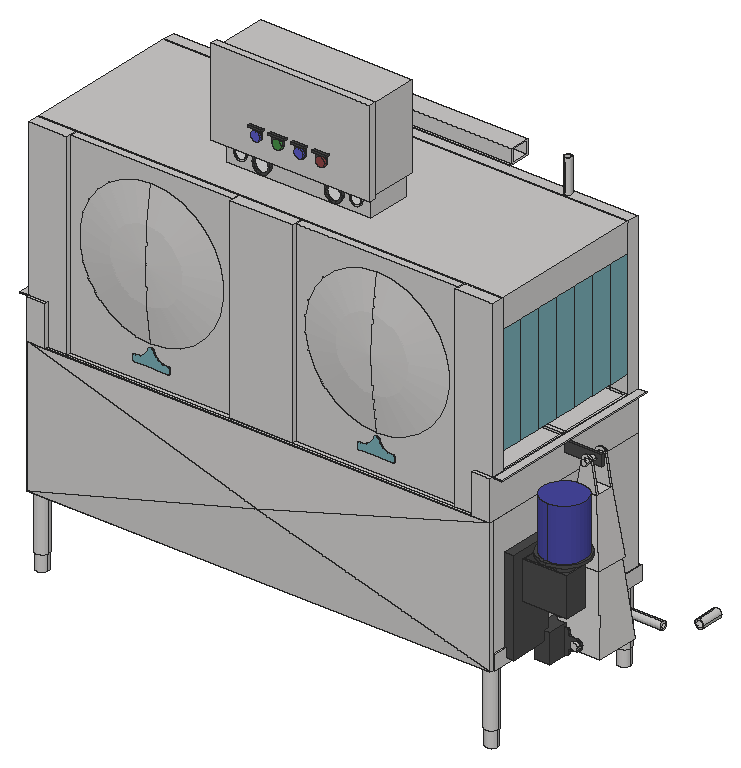
Revit family
Parameters (values of type "208/60/3")
  Width = 5' - 4"
  Weight in Pounds = 1000
  Watts = 25000 W
  Watermarked By = "http://revitwatermark.com"
  Waste Water Discharge Temperature [instance] = -459.67 °F
  Volts = 208 V
  Ventilation Remarks [instance] = ""
  URL Cutsheet = ""
  URL = "www.stero.com"
  Total Height = 5' - 10 1/2"
  Table Height = 2' - 10"
  Swing Doors [instance] = no
  Steam Supply Volume [instance] = 0.00 GPM
  Steam Supply Size = 1"
  Steam Supply RI Height [instance] = 0' - 0"
  Steam Supply Minimum Pressure = 15.00 psi
  Steam Supply Maximum Pressure = 40.00 psi
  Steam Supply Connection Height = 0' - 10"
  Steam Pounds per Hour = 140
  Status [instance] = ""
  Standard Doors [instance] = not(Swing Doors)  # yes
  Specification by User [instance] = ""
  Specification by Manufacturer = ""
  Single Door Opening [instance] = if(Swing Doors, 2' 0", 1' 10 1/2")  # 1' - 10 1/2"
  Serial Number [instance] = ""
  Seismic Rating [instance] = ""
  SMACNA No [instance] = ""
  Right Ventilation Remarks [instance] = ""
  Right Vent [instance] = no
  Right Exhaust Volume [instance] = if(Right Vent, 400 CFM, 0 CFM)  # 0 CFM
  Right Exhaust Vent Width = 0' - 3 7/8"
  Right Exhaust Vent Text = "Vent, Unload End"
  Right Exhaust Vent Depth = 2' - 0 7/8"
  Right Exhaust Static Press = 0.00 in-wg
  Right Exhaust RI Height [instance] = 0' - 0"
  Right Exhaust Item Number [instance] = "-"
  Right Drain [instance] = no
  Revision Code [instance] = ""
  Plumbing Remarks [instance] = ""
  Plumbing Connection Type [instance] = ""
  Phase = 3
  Number of Poles [instance] = 1
  NAFEM Spec ID Number [instance] = ""
  Model = "ER-64"
  Mechanical Remarks [instance] = ""
  Mechanical Connection Type [instance] = ""
  Masterspec = ""
  Manufacturer = "Stero"
  Machine Height = 4' - 7 1/2"
  Left Vent [instance] = no
  Left Drain [instance] = not(Right Drain)  # yes
  Item Number [instance] = "-"
  Installed By [instance] = ""
  Indirect Waste Size = 2"
  Indirect Waste Flow [instance] = 0.00 GPM
  Indirect Waste Connection Type [instance] = ""
  Indirect Waste Connection Height = 0' - 6"
  Hot Water Usage Rack = "- Gal/Rack"
  Hot Water Usage = "120.6 GPH"
  Hot Water Temperature = 180 °F
  Hot Water Size = 3/4"
  Hot Water RI Height [instance] = 0' - 0"
  Hot Water Minimum Pressure = 20.00 psi
  Hot Water Maximum Pressure = 20.00 psi
  Hot Water Flow = 2.01 GPM
  Hot Water Consumption = 2.01 GPM
  Hot Water Connection Height = 5' - 0"
  HP = "4.25"
  Furnished By [instance] = ""
  Foodservice Equipment Identifier [instance] = yes
  FL Amps = 83.6 A
  Exhaust Volume [instance] = if(Left Vent, 200 CFM, 0 CFM)  # 0 CFM
  Exhaust Vent Width = 0' - 3 7/8"
  Exhaust Vent Text = "Vent, Load End"
  Exhaust Vent Depth = 2' - 0 7/8"
  Exhaust Static Press = 0.00 in-wg
  Exhaust RI Height [instance] = 0' - 0"
  Electrical Remarks [instance] = ""
  Electric Connection Type [instance] = ""
  Elec Conn RI Height [instance] = 0' - 0"
  Elec Conn Connection Height = 5' - 8 1/2"
  Description = "Dishwasher, Conveyor"
  Depth = 2' - 1"
  Cycle = 60 Hz
  Conn Conduit = yes
  Condensate Return Size = 3/4"
  Condensate Return RI Height [instance] = 0' - 0"
  Condensate Return Connection Height = 0' - 8"
  CSI MasterFormat = "11 48 13"
  Building Plumbing Remarks [instance] = ""
  Building Hot Water Temperature = 140 °F
  Building Hot Water Size = 3/4"
  Building Hot Water RI Height [instance] = 0' - 0"
  Building Hot Water Minimum Pressure [instance] = 20.00 psi
  Building Hot Water Maximum Pressure [instance] = 20.00 psi
  Building Hot Water Flow [instance] = 0.00 GPM
  Building Hot Water Consumption [instance] = 2.00 GPM
  Building Hot Water Connection Height = 5' - 0"
  Building HW Item Number [instance] = "-"
  Assembly Code = "E1090320"
  Apparent Power = if(Phase = 3, Volts * FL Amps * 1.73, Volts * FL Amps)  # 30082.6 VA
Reference planes (in)
  plane 1: z = 0
  plane 2 "LEFT": x = 2.32772
  plane 3 "BACK": y = -48
  plane 4 "TOP": z = 70.5
  plane 5 "RIGHT": x = 66.57772
  plane 6 "FRONT": y = -73
  plane 7 "Left of Top": x = 2.57772
  plane 8 "Right of Top": x = 66.32772
  plane 9 "Left of Ledge": x = 1.07772
  plane 10 "Right of Ledge": x = 67.82772
  plane 11 "Left End Cowl": x = -7.67228
  plane 12 "Right End Cowl": x = 76.07772
  plane 13: x = -0.73478
  plane 14: x = 69.14022
  plane 15 "Bottom of Machine": z = 10
  plane 16 "Table Height": z = 34
  plane 17 "Top of Machine": z = 55.5
  plane 18 "Panel Top": z = 28.5
  plane 19: z = 12
  plane 20: y = -73.5
  plane 21: y = -47.5
  plane 22: x = 2.07772
  plane 23: x = 66.82772
  plane 24: y = -49.625
  plane 25: y = -71.375
  plane 26 "Door Center": x = 34.45272
  plane 27: x = 7.57772
  plane 28: x = 30.07772
  plane 29 "Top of Opening": z = 51.5
  plane 30: z = 2.25
  plane 31: x = 24.45272
  plane 32: x = 44.45272
  plane 33: x = 23.45272
  plane 34: x = 45.45272
  plane 35 "Front of Lower Panel": y = -66.5
  plane 36: y = -60.5
  plane 37: y = -67
  plane 38 "Back of Panel": y = -60
  plane 39 "Front of Upper Panel": y = -68
  plane 40: x = 23.95272
  plane 41: x = 44.95272
  plane 42: x = 75.95272
  plane 43: x = -7.54728
  plane 44: x = -4.60978
  plane 45: x = 73.01522
  plane 46: y = -48.0625
  plane 47: y = -72.9375
  plane 48 "Top of Vents": z = 59.5
  plane 49: x = 19.95272
  plane 50: x = 48.95272
  plane 51: y = -45
  plane 52: z = 57.5
  plane 53: y = -43
  plane 54: z = 84.5
  plane 55: x = 38.82772
  plane 56: x = 61.32772
  plane 57: x = 77.57772
  plane 58: x = 72.57772
  plane 59 "Steam Return": y = -51
  plane 60: z = 8
  plane 61: x = 7.82772
  plane 62: x = 29.95272
  plane 63: x = 28.64022
  plane 64: x = 38.95272
  plane 65: x = 40.26522
  plane 66: x = 61.07772
Forms (in)
  Extrusion 1, solid, material "QF_Finishes_Stainless Steel"
    sketch origin (0, 0, 10) x (0, 1, 0) y (-1, 0, 0)
      loop
        line (-47.5, -2.07772) -> (-73, -2.07772) -> (-73, -66.82772) -> (-47.5, -66.82772) -> (-47.5, -2.07772)
    from 0 to 2
  Extrusion 2, solid, material "QF_Finishes_Stainless Steel"
    sketch origin (0, 0, 34) x (0, 1, 0) y (-1, 0, 0)
      loop
        line (-71.375, -2.57772) -> (-49.625, -2.57772) -> (-49.625, -4.89022) -> (-48, -4.89022) -> (-48, -2.32772) -> (-73.5, -2.32772) -> (-73.5, -4.89022) -> (-71.375, -4.89022) -> (-71.375, -2.57772)
    from 0 to -5.5
  Extrusion 3, solid, material "QF_Finishes_Stainless Steel"
    sketch origin (0, 0, 28.5) x (0, 1, 0) y (-1, 0, 0)
      loop
        line (-48, -2.32772) -> (-73, -2.32772) -> (-73, -66.57772) -> (-48, -66.57772) -> (-48, -2.32772)
    from 0 to -16.5
  Extrusion 4, solid, material "QF_Finishes_Stainless Steel"
    sketch origin (48.65544, 0, 34) x (0, 1, 0) y (-1, 0, 0)
      loop
        line (-71.375, -17.67228) -> (-71.375, -15.35978) -> (-73.5, -15.35978) -> (-73.5, -17.92228) -> (-48, -17.92228) -> (-48, -15.35978) -> (-49.625, -15.35978) -> (-49.625, -17.67228) -> (-71.375, -17.67228)
    from 0 to -5.5
  Extrusion 5, solid, material "QF_Finishes_Stainless Steel"
    sketch origin (0, 0, 34) x (0, 1, 0) y (-1, 0, 0)
      loop
        line (-48, -2.32772) -> (-48, -1.07772) -> (-73, -1.07772) -> (-73, -2.32772) -> (-48, -2.32772)
    from 0 to -0.125
  Extrusion 6, solid, material "QF_Finishes_Stainless Steel"
    sketch origin (0, 0, 34) x (0, 1, 0) y (-1, 0, 0)
      loop
        line (-48, -66.57772) -> (-73, -66.57772) -> (-73, -67.82772) -> (-48, -67.82772) -> (-48, -66.57772)
    from 0 to -0.125
  Extrusion 7, solid, material "QF_Finishes_Stainless Steel"
    sketch origin (0, 0, 34) x (0, 1, 0) y (-1, 0, 0)
      loop
        line (-48, -4.89022) -> (-49.625, -4.89022) -> (-49.625, -2.57772) -> (-71.375, -2.57772) -> (-71.375, -66.32772) -> (-49.625, -66.32772) -> (-49.625, -64.01522) -> (-48, -64.01522) -> (-48, -4.89022)
    from -0.25 to -5.5
  Extrusion 8, solid, material "QF_Finishes_Stainless Steel"
    sketch origin (0, 0, 34) x (0, 1, 0) y (-1, 0, 0)
      loop
        line (-60.25, -2.57772) -> (-60.75, -2.57772) -> (-60.75, -66.32772) -> (-60.25, -66.32772) -> (-60.25, -2.57772)
      loop
        line (-48, -4.89022) -> (-49.625, -4.89022) -> (-49.625, -64.01522) -> (-48, -64.01522) -> (-48, -4.89022)
    from 0 to -0.25
  Extrusion 9, solid, material "QF_Finishes_Stainless Steel"
    sketch origin (0, 0, 55.5) x (0, 1, 0) y (-1, 0, 0)
      loop
        line (-49.625, -2.32772) -> (-71.375, -2.32772) -> (-71.375, -66.57772) -> (-49.625, -66.57772) -> (-49.625, -2.32772)
    from 0 to -4
  Extrusion 10, solid, material "QF_Finishes_Stainless Steel"
    sketch origin (0, 0, 55.5) x (0, 1, 0) y (-1, 0, 0)
      loop
        line (-48, -2.32772) -> (-49.625, -2.32772) -> (-49.625, -66.57772) -> (-48, -66.57772) -> (-48, -2.32772)
    from 0 to -21.5
  Extrusion 11, solid, material "QF_Finishes_Stainless Steel"
    sketch origin (0, -73, 0) x (-1, 0, 0) y (0, 0, 1)
      loop
        line (-2.32772, 55.5) -> (-7.57772, 55.5) -> (-7.57772, 28.5) -> (-4.89022, 28.5) -> (-4.89022, 34) -> (-2.32772, 34) -> (-2.32772, 55.5)
    from 0 to 1.625
  Blend 12, solid, material "QF_Finishes_Stainless Steel"
    base sketch origin (-15.01335, -74, 48) x (-1, 0, 0) y (0, 0, 1)
      loop
        line (-17.34107, -19.5) -> (-81.59107, -19.5) -> (-81.59107, -38) -> (-17.34107, -38) -> (-17.34107, -19.5)
    top sketch origin (-15.01335, -74, 48) x (-1, 0, 0) y (0, 0, 1)
      loop
        line (-49.49732, -28.71875) -> (-49.49732, -28.78125) -> (-49.43482, -28.78125) -> (-49.43482, -28.71875) -> (-49.49732, -28.71875)
    from 0.5 to 0
  Extrusion 13, solid, material "QF_Finishes_Stainless Steel"
    sketch origin (0, 0, 10) x (0, 1, 0) y (-1, 0, 0)
      loop
        line (-73, -2.32772) -> (-73.5, -2.32772) -> (-73.5, -66.57772) -> (-73, -66.57772) -> (-73, -2.32772)
    from 0 to 18.5
  Extrusion 14, solid, material "QF_Finishes_Stainless Steel"
    sketch origin (0, -73, 0) x (-1, 0, 0) y (0, 0, 1)
      loop
        line (-61.32772, 55.5) -> (-66.57772, 55.5) -> (-66.57772, 34) -> (-64.01522, 34) -> (-64.01522, 28.5) -> (-61.32772, 28.5) -> (-61.32772, 55.5)
    from 0 to 1.625
  Extrusion 15, solid, material "QF_Finishes_Stainless Steel", visible <- "Standard Doors"
    sketch origin (-15.5, 0, 55.5) x (0, 1, 0) y (-1, 0, 0)
      loop
        line (-71.375, -23.07772) -> (-72.5, -23.07772) -> (-72.5, -45.57772) -> (-71.375, -45.57772) -> (-71.375, -23.07772)
    from 0 to -27
  Extrusion 16, solid, material "QF_Finishes_Stainless Steel"
    sketch origin (0, 0, 0) x (1, 0, 0) y (0, 1, 0)
      loop
        circle (3.32772, -49) r 0.8125
    from 0 to 2.25
  Extrusion 17, solid, material "QF_Finishes_Stainless Steel"
    sketch origin (0, 0, 0) x (1, 0, 0) y (0, 1, 0)
      loop
        circle (3.32772, -49) r 0.9375
    from 2.25 to 10
  Extrusion 18, solid, material "QF_Finishes_Stainless Steel"
    sketch origin (48.65544, 0, 0) x (-1, 0, 0) y (0, -1, 0)
      loop
        circle (-16.92228, 49) r 0.8125
    from 0 to 2.25
  Extrusion 19, solid, material "QF_Finishes_Stainless Steel"
    sketch origin (48.65544, 0, 0) x (-1, 0, 0) y (0, -1, 0)
      loop
        circle (-16.92228, 49) r 0.9375
    from 2.25 to 10
  Extrusion 20, solid, material "QF_Finishes_Stainless Steel"
    sketch origin (0, -121, 0) x (1, 0, 0) y (0, 1, 0)
      loop
        circle (3.32772, 49) r 0.8125
    from 0 to 2.25
  Extrusion 21, solid, material "QF_Finishes_Stainless Steel"
    sketch origin (0, -121, 0) x (1, 0, 0) y (0, 1, 0)
      loop
        circle (3.32772, 49) r 0.9375
    from 2.25 to 10
  Extrusion 22, solid, material "QF_Finishes_Stainless Steel"
    sketch origin (48.65544, -121, 0) x (-1, 0, 0) y (0, -1, 0)
      loop
        circle (-16.92228, -49) r 0.8125
    from 0 to 2.25
  Extrusion 23, solid, material "QF_Finishes_Stainless Steel"
    sketch origin (48.65544, -121, 0) x (-1, 0, 0) y (0, -1, 0)
      loop
        circle (-16.92228, -49) r 0.9375
    from 2.25 to 10
  Extrusion 24, solid, material "QF_Finishes_Light Blue"
    sketch origin (0, 0, 51.5) x (0, 1, 0) y (-1, 0, 0)
      loop
        line (-49.625, -66.57772) -> (-49.625, -66.45272) -> (-52.625, -66.45272) -> (-52.625, -66.57772) -> (-49.625, -66.57772)
      loop
        line (-52.75, -66.57772) -> (-52.75, -66.45272) -> (-55.75, -66.45272) -> (-55.75, -66.57772) -> (-52.75, -66.57772)
      loop
        line (-55.875, -66.57772) -> (-55.875, -66.45272) -> (-58.875, -66.45272) -> (-58.875, -66.57772) -> (-55.875, -66.57772)
      loop
        line (-59, -66.57772) -> (-59, -66.45272) -> (-62, -66.45272) -> (-62, -66.57772) -> (-59, -66.57772)
      loop
        line (-62.125, -66.57772) -> (-62.125, -66.45272) -> (-65.125, -66.45272) -> (-65.125, -66.57772) -> (-62.125, -66.57772)
      loop
        line (-65.25, -66.57772) -> (-65.25, -66.45272) -> (-68.25, -66.45272) -> (-68.25, -66.57772) -> (-65.25, -66.57772)
      loop
        line (-68.375, -66.57772) -> (-68.375, -66.45272) -> (-71.375, -66.45272) -> (-71.375, -66.57772) -> (-68.375, -66.57772)
    from 0 to -15
  Extrusion 25, solid, material "QF_Finishes_Light Blue"
    sketch origin (48.65544, 0, 51.5) x (0, 1, 0) y (-1, 0, 0)
      loop
        line (-49.625, 46.32772) -> (-52.625, 46.32772) -> (-52.625, 46.20272) -> (-49.625, 46.20272) -> (-49.625, 46.32772)
      loop
        line (-52.75, 46.32772) -> (-55.75, 46.32772) -> (-55.75, 46.20272) -> (-52.75, 46.20272) -> (-52.75, 46.32772)
      loop
        line (-55.875, 46.32772) -> (-58.875, 46.32772) -> (-58.875, 46.20272) -> (-55.875, 46.20272) -> (-55.875, 46.32772)
      loop
        line (-59, 46.32772) -> (-62, 46.32772) -> (-62, 46.20272) -> (-59, 46.20272) -> (-59, 46.32772)
      loop
        line (-62.125, 46.32772) -> (-65.125, 46.32772) -> (-65.125, 46.20272) -> (-62.125, 46.20272) -> (-62.125, 46.32772)
      loop
        line (-65.25, 46.32772) -> (-68.25, 46.32772) -> (-68.25, 46.20272) -> (-65.25, 46.20272) -> (-65.25, 46.32772)
      loop
        line (-68.375, 46.32772) -> (-71.375, 46.32772) -> (-71.375, 46.20272) -> (-68.375, 46.20272) -> (-68.375, 46.32772)
    from 0 to -15
  Extrusion 26, solid, material "QF_Finishes_Stainless Steel"
    sketch origin (0, 0, 55.5) x (0, 1, 0) y (-1, 0, 0)
      loop
        line (-60.5, -24.45272) -> (-66.5, -24.45272) -> (-66.5, -44.45272) -> (-60.5, -44.45272) -> (-60.5, -24.45272)
    from 0 to 3.5
  Extrusion 27, solid, material "QF_Finishes_Stainless Steel"
    sketch origin (0, 0, 55.5) x (0, 1, 0) y (-1, 0, 0)
      loop
        line (-60, -23.95272) -> (-67, -23.95272) -> (-67, -44.95272) -> (-60, -44.95272) -> (-60, -23.95272)
    from 3 to 14.5
  Extrusion 28, solid, material "QF_Finishes_Stainless Steel"
    sketch origin (0, 0, 55.5) x (0, 1, 0) y (-1, 0, 0)
      loop
        line (-67, -23.45272) -> (-68, -23.45272) -> (-68, -45.45272) -> (-67, -45.45272) -> (-67, -23.45272)
    from 3 to 15
  Extrusion 29, solid, material "QF_Finishes_Black"
    sketch origin (0, -66.5, 0) x (-1, 0, 0) y (0, 0, 1)
      loop
        circle (-29.45272, 57) r 1.25
      loop
        circle (-29.45272, 57) r 1
    from 0 to -0.25
  Extrusion 30, solid, material "QF_Finishes_Stainless Steel"
    sketch origin (0, -66.5, 0) x (-1, 0, 0) y (0, 0, 1)
      loop
        circle (-26.45272, 57.25) r 0.75
      loop
        circle (-26.45272, 57.25) r 0.875
    from 0 to -0.125
  Extrusion 31, solid, material "QF_Finishes_White"
    sketch origin (0, -66.5, 0) x (-1, 0, 0) y (0, 0, 1)
      loop
        circle (-26.45272, 57.25) r 0.75
    from 0 to -0.0625
  Extrusion 32, solid, material "QF_Finishes_White"
    sketch origin (0, -66.5, 0) x (-1, 0, 0) y (0, 0, 1)
      loop
        circle (-29.45272, 57) r 1
    from 0 to -0.0625
  Extrusion 33, solid, material "QF_Finishes_Black"
    sketch origin (48.65544, -66.5, 0) x (1, 0, 0) y (0, 0, -1)
      loop
        circle (-9.20272, -57) r 1.25
      loop
        circle (-9.20272, -57) r 1
    from 0 to -0.25
  Extrusion 34, solid, material "QF_Finishes_Stainless Steel"
    sketch origin (48.65544, -66.5, 0) x (1, 0, 0) y (0, 0, -1)
      loop
        circle (-6.20272, -57.25) r 0.75
      loop
        circle (-6.20272, -57.25) r 0.875
    from 0 to -0.125
  Extrusion 35, solid, material "QF_Finishes_White"
    sketch origin (48.65544, -66.5, 0) x (1, 0, 0) y (0, 0, -1)
      loop
        circle (-6.20272, -57.25) r 0.75
    from 0 to -0.0625
  Extrusion 36, solid, material "QF_Finishes_White"
    sketch origin (48.65544, -66.5, 0) x (1, 0, 0) y (0, 0, -1)
      loop
        circle (-9.20272, -57) r 1
    from 0 to -0.0625
  Extrusion 37, solid, material "QF_Finishes_Black"
    sketch origin (0, -68, 0) x (-1, 0, 0) y (0, 0, 1)
      loop
        line (-33.95272, 62.5) -> (-33.95272, 62.25) -> (-31.82772, 62.25) -> (-31.82772, 62.5) -> (-33.95272, 62.5)
      loop
        line (-30.82772, 62.5) -> (-30.82772, 62.25) -> (-28.95272, 62.25) -> (-28.95272, 62.5) -> (-30.82772, 62.5)
      loop
        line (-34.95272, 62.5) -> (-36.82772, 62.5) -> (-36.82772, 62.25) -> (-34.95272, 62.25) -> (-34.95272, 62.5)
      loop
        line (-37.82772, 62.5) -> (-39.82772, 62.5) -> (-39.82772, 62.25) -> (-37.82772, 62.25) -> (-37.82772, 62.5)
    from 0 to -0.5
  Extrusion 38, solid, material "QF_Finishes_Navy Blue"
    sketch origin (0, -68, 0) x (-1, 0, 0) y (0, 0, 1)
      loop
        circle (-29.95272, 61.375) r 0.625
    from -0.125 to -0.375
  Extrusion 39, solid, material "QF_Finishes_LED Green"
    sketch origin (3, -68, 0) x (-1, 0, 0) y (0, 0, 1)
      loop
        circle (-29.95272, 61.375) r 0.625
    from -0.125 to -0.375
  Extrusion 40, solid, material "QF_Finishes_Navy Blue"
    sketch origin (6, -68, 0) x (-1, 0, 0) y (0, 0, 1)
      loop
        circle (-29.95272, 61.375) r 0.625
    from -0.125 to -0.375
  Extrusion 41, solid, material "QF_Finishes_LED Red"
    sketch origin (9, -68, 0) x (-1, 0, 0) y (0, 0, 1)
      loop
        circle (-29.95272, 61.375) r 0.625
    from -0.125 to -0.375
  Extrusion 42, solid, material "QF_Finishes_Black"
    sketch origin (0, -68, 0) x (-1, 0, 0) y (0, 0, 1)
      loop
        arc (-30.57772, 61.375) -> (-29.95272, 60.75) -> (-29.32772, 61.375) r 0.625
        line (-29.32772, 61.375) -> (-29.32772, 62.25) -> (-30.57772, 62.25) -> (-30.57772, 61.375)
      loop
        arc (-33.57772, 61.375) -> (-32.82772, 60.625) -> (-32.07772, 61.375) r 0.75
        line (-32.07772, 61.375) -> (-32.07772, 62.25) -> (-33.57772, 62.25) -> (-33.57772, 61.375)
      loop
        arc (-36.70272, 61.375) -> (-35.95272, 60.625) -> (-35.20272, 61.375) r 0.75
        line (-35.20272, 61.375) -> (-35.20272, 62.25) -> (-36.70272, 62.25) -> (-36.70272, 61.375)
      loop
        arc (-39.57772, 61.375) -> (-38.82772, 60.625) -> (-38.07772, 61.375) r 0.75
        line (-38.07772, 61.375) -> (-38.07772, 62.25) -> (-39.57772, 62.25) -> (-39.57772, 61.375)
    from 0 to -0.125
  Extrusion 43, solid, material "QF_Finishes_Light Blue", visible <- "Standard Doors"
    sketch origin (-15.5, -73, 0) x (-1, 0, 0) y (0, 0, 1)
      loop
        line (-33.71645, 30.66335) -> (-32.08461, 30.57309)
        arc (-32.08461, 30.57309) -> (-31.90443, 30.64773) -> (-31.82979, 30.82792) r 0.25483
        line (-31.82979, 30.82792) -> (-31.82979, 31.31285)
        arc (-31.82979, 31.31285) -> (-31.90343, 31.49062) -> (-32.08121, 31.56426) r 0.25142
        arc (-32.08121, 31.56426) -> (-33.22593, 31.7803) -> (-33.90311, 32.72819) r 1.56264
        arc (-33.90311, 32.72819) -> (-34.31726, 33.06213) -> (-34.74741, 32.74907) r 0.43733
        arc (-34.74741, 32.74907) -> (-35.4996, 31.78811) -> (-36.69923, 31.56426) r 1.72707
        arc (-36.69923, 31.56426) -> (-36.87701, 31.49062) -> (-36.95065, 31.31285) r 0.25142
        line (-36.95065, 31.31285) -> (-36.95065, 30.82792)
        arc (-36.95065, 30.82792) -> (-36.87601, 30.64773) -> (-36.69582, 30.57309) r 0.25483
        line (-36.69582, 30.57309) -> (-35.06398, 30.65632)
        arc (-35.06398, 30.65632) -> (-34.39032, 30.67875) -> (-33.71645, 30.66335) r 12.00702
    from 0.5 to 0.4375
  Extrusion 44, solid, material "QF_Finishes_Stainless Steel", visible <- "Right Vent"
    sketch origin (66.32772, 0, 0) x (0, -1, 0) y (0, 0, 1)
      loop
        line (73, 55.5) -> (48, 55.5) -> (48, 50.5625) -> (49.625, 48.9375) -> (49.625, 49.11428) -> (48.125, 50.61428) -> (48.125, 55.375) -> (72.875, 55.375) -> (72.875, 39.17678) -> (71.375, 37.67678) -> (71.375, 37.5) -> (73, 39.125) -> (73, 55.5)
    from -0.25 to -9.625
  Extrusion 45, solid, material "QF_Finishes_Stainless Steel", visible <- "Left Vent"
    sketch origin (2.57772, 0, 0) x (0, 1, 0) y (0, 0, 1)
      loop
        line (-73, 55.5) -> (-73, 39.125) -> (-71.375, 37.5) -> (-71.375, 37.67678) -> (-72.875, 39.17678) -> (-72.875, 55.375) -> (-48.125, 55.375) -> (-48.125, 50.61428) -> (-49.625, 49.11428) -> (-49.625, 48.9375) -> (-48, 50.5625) -> (-48, 55.5) -> (-73, 55.5)
    from -0.25 to -10.125
  Extrusion 46, solid, material "QF_Finishes_Stainless Steel", visible <- "Right Vent"
    sketch origin (76.07772, 0, 0) x (0, 1, 0) y (0, 0, 1)
      loop
        line (-71.375, 37.5) -> (-71.375, 51.5) -> (-49.625, 51.5) -> (-49.625, 48.9375) -> (-48, 50.5625) -> (-48, 55.5) -> (-73, 55.5) -> (-73, 39.125) -> (-71.375, 37.5)
    from 0 to -0.125
  Extrusion 47, solid, material "QF_Finishes_Stainless Steel", visible <- "Left Vent"
    sketch origin (-7.67228, 0, 0) x (0, 1, 0) y (0, 0, 1)
      loop
        line (-71.375, 37.5) -> (-71.375, 51.5) -> (-49.625, 51.5) -> (-49.625, 48.9375) -> (-48, 50.5625) -> (-48, 55.5) -> (-73, 55.5) -> (-73, 39.125) -> (-71.375, 37.5)
    from 0 to 0.125
  Extrusion 48, solid, material "QF_Finishes_Stainless Steel", visible <- "Left Vent"
    sketch origin (0, 0, 55.5) x (0, 1, 0) y (-1, 0, 0)
      loop
        line (-48.0625, 4.60978) -> (-72.9375, 4.60978) -> (-72.9375, 0.73478) -> (-48.0625, 0.73478) -> (-48.0625, 4.60978)
      loop
        line (-48.1875, 4.48478) -> (-72.8125, 4.48478) -> (-72.8125, 0.85978) -> (-48.1875, 0.85978) -> (-48.1875, 4.48478)
    from 0 to 4
  Extrusion 49, solid, material "QF_Finishes_Stainless Steel", visible <- "Right Vent"
    sketch origin (48.65544, 0, 55.5) x (0, 1, 0) y (-1, 0, 0)
      loop
        line (-48.0625, -24.35978) -> (-48.0625, -20.48478) -> (-72.9375, -20.48478) -> (-72.9375, -24.35978) -> (-48.0625, -24.35978)
      loop
        line (-48.1875, -24.23478) -> (-48.1875, -20.60978) -> (-72.8125, -20.60978) -> (-72.8125, -24.23478) -> (-48.1875, -24.23478)
    from 0 to 4
  Extrusion 50, void
    sketch origin (0, 0, 55.5) x (0, 1, 0) y (-1, 0, 0)
      loop
        line (-48.1875, 4.48478) -> (-72.8125, 4.48478) -> (-72.8125, 0.85978) -> (-48.1875, 0.85978) -> (-48.1875, 4.48478)
    from 0 to -0.125
  Extrusion 51, void
    sketch origin (0, 0, 55.5) x (0, 1, 0) y (-1, 0, 0)
      loop
        line (-48.1875, -69.26522) -> (-72.8125, -69.26522) -> (-72.8125, -72.89022) -> (-48.1875, -72.89022) -> (-48.1875, -69.26522)
    from 0 to -0.125
  Extrusion 52, solid, material "QF_Finishes_Black"
    sketch origin (0, -73, 0) x (-1, 0, 0) y (0, 0, 1)
      loop
        line (-66.82772, 12) -> (-66.57772, 12) -> (-66.57772, 23.9375) -> (-67.95272, 23.9375) -> (-67.95272, 10.9375) -> (-66.82772, 10.9375) -> (-66.82772, 12)
    from 1.8125 to 7.8125
  Extrusion 53, solid, material "QF_Finishes_Black"
    sketch origin (0.25, 0, 10) x (0, 1, 0) y (-1, 0, 0)
      loop
        line (-66.875, -72.32772) -> (-66.875, -67.95272) -> (-69.5, -67.95272) -> (-69.5, -72.32772)
        arc (-69.5, -72.32772) -> (-68.1875, -71.01522) -> (-66.875, -72.32772) r 1.3125
      loop
        line (-69.75, -73.95272) -> (-66.625, -73.95272) -> (-66.625, -67.70272) -> (-69.75, -67.70272) -> (-69.75, -73.95272)
    from 7.6875 to 12.9375
  Extrusion 54, solid, material "QF_Finishes_Black"
    sketch origin (0.25, 0, 10) x (0, 1, 0) y (-1, 0, 0)
      loop
        circle (-68.1875, -72.32772) r 1.0625
    from 7.1875 to 7.6875
  Extrusion 55, solid, material "QF_Finishes_Black"
    sketch origin (0.25, 0, 10) x (0, 1, 0) y (-1, 0, 0)
      loop
        circle (-68.1875, -72.32772) r 1.3125
    from 12.9375 to 13.4375
  Blend 56, solid, material "QF_Finishes_Black"
    base sketch origin (0.25, 0, 10) x (0, 1, 0) y (-1, 0, 0)
      loop
        circle (-68.1875, -72.32772) r 1.3125
    top sketch origin (0.25, 0, 10) x (0, 1, 0) y (-1, 0, 0)
      loop
        circle (-68.1875, -72.32772) r 2.0625
    from 13.4375 to 14.4375
  Extrusion 57, solid, material "QF_Finishes_Black"
    sketch origin (0.25, 0, 10) x (0, 1, 0) y (-1, 0, 0)
      loop
        circle (-68.1875, -72.32772) r 3.25
    from 14.4375 to 14.8125
  Extrusion 58, solid, material "QF_Finishes_Blue"
    sketch origin (0.25, 0, 10) x (0, 1, 0) y (-1, 0, 0)
      loop
        circle (-68.1875, -72.32772) r 2.875
    from 14.8125 to 21.9375
  Extrusion 59, solid, material "QF_Finishes_Black"
    sketch origin (0.25, -73, 0) x (-1, 0, 0) y (0, 0, 1)
      loop
        line (-66.32772, 33.1875) -> (-71.57772, 33.1875) -> (-71.57772, 31.6875) -> (-66.32772, 31.6875) -> (-66.32772, 33.1875)
      loop
        circle (-70.32772, 32.4375) r 0.375
    from 12.3125 to 12.6875
  Extrusion 60, solid, material "QF_Finishes_Black"
    sketch origin (0, -73, 0) x (-1, 0, 0) y (0, 0, 1)
      loop
        line (-66.57772, 12) -> (-66.57772, 12.4375) -> (-68.82772, 12.4375) -> (-68.82772, 8.4375) -> (-66.82772, 8.4375) -> (-66.82772, 12) -> (-66.57772, 12)
    from 7 to 18
  Extrusion 61, solid, material "QF_Finishes_Black"
    sketch origin (0.25, -73, 0) x (-1, 0, 0) y (0, 0, 1)
      loop
        line (-68.82772, 12.125) -> (-69.07772, 12.125)
        arc (-69.07772, 12.125) -> (-69.2545, 12.05178) -> (-69.32772, 11.875) r 0.25
        line (-69.32772, 11.875) -> (-69.32772, 11.5625)
        arc (-69.32772, 11.5625) -> (-69.43755, 11.29733) -> (-69.70272, 11.1875) r 0.375
        line (-69.70272, 11.1875) -> (-70.32772, 11.1875)
        arc (-70.32772, 11.1875) -> (-71.07772, 10.4375) -> (-70.32772, 9.6875) r 0.75
        line (-70.32772, 9.6875) -> (-69.70272, 9.6875)
        arc (-69.70272, 9.6875) -> (-69.43755, 9.57767) -> (-69.32772, 9.3125) r 0.375
        line (-69.32772, 9.3125) -> (-69.32772, 9)
        arc (-69.32772, 9) -> (-69.2545, 8.82322) -> (-69.07772, 8.75) r 0.25
        line (-69.07772, 8.75) -> (-68.82772, 8.75) -> (-68.82772, 12.125)
      loop
        circle (-70.32772, 10.4375) r 0.5
    from 9.375 to 9.5
  Extrusion 62, solid, material "QF_Finishes_Black"
    sketch origin (0.25, -66.875, 0) x (-1, 0, 0) y (0, 0, 1)
      loop
        line (-68.82772, 12.125) -> (-69.07772, 12.125)
        arc (-69.07772, 12.125) -> (-69.2545, 12.05178) -> (-69.32772, 11.875) r 0.25
        line (-69.32772, 11.875) -> (-69.32772, 11.5625)
        arc (-69.32772, 11.5625) -> (-69.43755, 11.29733) -> (-69.70272, 11.1875) r 0.375
        line (-69.70272, 11.1875) -> (-70.32772, 11.1875)
        arc (-70.32772, 11.1875) -> (-71.07772, 10.4375) -> (-70.32772, 9.6875) r 0.75
        line (-70.32772, 9.6875) -> (-69.70272, 9.6875)
        arc (-69.70272, 9.6875) -> (-69.43755, 9.57767) -> (-69.32772, 9.3125) r 0.375
        line (-69.32772, 9.3125) -> (-69.32772, 9)
        arc (-69.32772, 9) -> (-69.2545, 8.82322) -> (-69.07772, 8.75) r 0.25
        line (-69.07772, 8.75) -> (-68.82772, 8.75) -> (-68.82772, 12.125)
      loop
        circle (-70.32772, 10.4375) r 0.5
    from 9.375 to 9.5
  Extrusion 63, solid, material "QF_Finishes_Stainless Steel"
    sketch origin (0.25, -73, 0) x (-1, 0, 0) y (0, 0, 1)
      loop
        circle (-70.32772, 32.4375) r 0.375
      loop
        line (-71.06584, 32.57045) -> (-71.76522, 28.6875) -> (-68.89022, 28.6875) -> (-69.5896, 32.57045)
        arc (-69.5896, 32.57045) -> (-70.32772, 33.1875) -> (-71.06584, 32.57045) r 0.75
    from 11.25 to 11.375
  Extrusion 64, solid, material "QF_Finishes_Stainless Steel"
    sketch origin (0.25, -48, 0) x (-1, 0, 0) y (0, 0, -1)
      loop
        circle (-70.32772, -32.4375) r 0.375
      loop
        arc (-71.06584, -32.57045) -> (-70.32772, -33.1875) -> (-69.5896, -32.57045) r 0.75
        line (-69.5896, -32.57045) -> (-68.89022, -28.6875) -> (-71.76522, -28.6875) -> (-71.06584, -32.57045)
    from 11.25 to 11.375
  Extrusion 65, solid, material "QF_Finishes_Stainless Steel"
    sketch origin (0.25, -73, 0) x (-1, 0, 0) y (0, 0, 1)
      loop
        circle (-70.32772, 32.4375) r 0.375
    from 10.75 to 14.25
  Blend 66, solid, material "QF_Finishes_Stainless Steel"
    base sketch origin (0.25, 0, 34) x (0, 1, 0) y (-1, 0, 0)
      loop
        line (-58.25, -67.89022) -> (-62.75, -67.89022) -> (-62.75, -72.76522) -> (-58.25, -72.76522) -> (-58.25, -67.89022)
    top sketch origin (0.25, 0, 34) x (0, 1, 0) y (-1, 0, 0)
      loop
        line (-59.25, -68.89022) -> (-61.75, -68.89022) -> (-61.75, -71.76522) -> (-59.25, -71.76522) -> (-59.25, -68.89022)
    from -14.0625 to -5.3125
  Blend 67, solid, material "QF_Finishes_Stainless Steel"
    base sketch origin (0.25, 0, 25.25) x (0, 1, 0) y (-1, 0, 0)
      loop
        line (-57.5, -67.14022) -> (-63.5, -67.14022) -> (-63.5, -73.51522) -> (-57.5, -73.51522) -> (-57.5, -67.14022)
    top sketch origin (0.25, 0, 25.25) x (0, 1, 0) y (-1, 0, 0)
      loop
        line (-58.5, -68.14022) -> (-62.5, -68.14022) -> (-62.5, -72.51522) -> (-58.5, -72.51522) -> (-58.5, -68.14022)
    from -15.5625 to -5.3125
  Extrusion 68, solid, material "QF_Finishes_Stainless Steel"
    sketch origin (0.25, -73, -22) x (-1, 0, 0) y (0, 0, 1)
      loop
        circle (-70.32772, 32.4375) r 0.5
    from 9 to 16
  Extrusion 69, solid, material "QF_Finishes_Stainless Steel"
    sketch origin (0, 0, 55.5) x (0, 1, 0) y (-1, 0, 0)
      loop
        circle (-48.75, -57.57772) r 0.375
      loop
        circle (-48.75, -57.57772) r 0.5
    from 0 to 4.5
  Extrusion 70, solid, material "QF_Finishes_Stainless Steel"
    sketch origin (2.32772, 0, 0) x (0, 1, 0) y (0, 0, 1)
      loop
        line (-45, 57.5) -> (-47.75, 57.5) -> (-47.75, 55.5) -> (-45, 55.5) -> (-45, 57.5)
      loop
        line (-45.125, 57.375) -> (-47.625, 57.375) -> (-47.625, 55.625) -> (-45.125, 55.625) -> (-45.125, 57.375)
    from 17.625 to 46.625
  Extrusion 71, solid, material "QF_Finishes_Stainless Steel"
    sketch origin (2.32772, 0, 0) x (0, 1, 0) y (0, 0, 1)
      loop
        line (-47.75, 55.5) -> (-47.75, 55.625) -> (-48, 55.625) -> (-48, 55.5) -> (-47.75, 55.5)
    from 17.625 to 46.625
  Extrusion 72, solid, material "QF_Finishes_Stainless Steel"
    sketch origin (0, -60, 0) x (-1, 0, 0) y (0, 0, 1)
      loop
        circle (-44.45272, 68.5) r 0.25
    from 0 to 0.0625
  Extrusion 73, solid, material "QF_Finishes_Stainless Steel"
    sketch origin (0, 0, 10) x (0, 1, 0) y (-1, 0, 0)
      loop
        circle (-50, -7.32772) r 1
      loop
        circle (-50, -7.32772) r 1.125
    from 0 to -4
  Extrusion 74, solid, material "QF_Finishes_Clearance", detail levels coarse
    sketch origin (0, 0, 0) x (1, 0, 0) y (0, 1, 0)
      loop
        line (1.07772, -47.5) -> (19.95272, -47.5) -> (19.95272, -45) -> (48.95272, -45) -> (48.95272, -47.5) -> (67.82772, -47.5) -> (67.82772, -43) -> (1.07772, -43) -> (1.07772, -47.5)
    from 0 to 70.5
  Extrusion 75, solid, material "QF_Finishes_Clearance", visible <- "Standard Doors", detail levels coarse
    sketch origin (-15.5, -73, 0) x (-1, 0, 0) y (0, 0, 1)
      loop
        line (-23.07772, 84.5) -> (-45.57772, 84.5) -> (-45.57772, 55.5) -> (-23.07772, 55.5) -> (-23.07772, 84.5)
    from 0 to 1.625
  Extrusion 76, solid, material "QF_Finishes_Clearance", visible <- "Right Vent", detail levels coarse
    sketch origin (0, 0, 0) x (1, 0, 0) y (0, 1, 0)
      loop
        line (67.82772, -43) -> (67.82772, -47.5) -> (76.07772, -47.5) -> (76.07772, -43) -> (67.82772, -43)
    from 0 to 70.5
  Extrusion 77, solid, material "QF_Finishes_Clearance", visible <- "Left Vent", detail levels coarse
    sketch origin (0, 0, 0) x (1, 0, 0) y (0, 1, 0)
      loop
        line (-7.67228, -43) -> (-7.67228, -47.5) -> (1.07772, -47.5) -> (1.07772, -43) -> (-7.67228, -43)
    from 0 to 70.5
  Revolve 78, solid, material "QF_Finishes_Stainless Steel", visible <- "Standard Doors"
    sketch origin (18.82772, 0, 0) x (0, 1, 0) y (0, 0, 1)
      loop
        line (-72.5, 43.5) -> (-72.5, 53.5)
        arc (-72.5, 53.5) -> (-73.26244, 48.52624) -> (-73.5, 43.5) r 48
        line (-73.5, 43.5) -> (-72.5, 43.5)
      axis (-72.5, 43.5) -> (-73.5, 43.5)
    angle from 0 to 360
  Extrusion 79, solid, material "QF_Finishes_Stainless Steel", visible <- "Standard Doors"
    sketch origin (14.5, 0, 55.5) x (0, 1, 0) y (-1, 0, 0)
      loop
        line (-71.375, -24.32772) -> (-72.5, -24.32772) -> (-72.5, -46.82772) -> (-71.375, -46.82772) -> (-71.375, -24.32772)
    from 0 to -27
  Extrusion 80, solid, material "QF_Finishes_Clearance", visible <- "Standard Doors", detail levels coarse
    sketch origin (14.5, -73, 0) x (-1, 0, 0) y (0, 0, 1)
      loop
        line (-24.32772, 84.5) -> (-46.82772, 84.5) -> (-46.82772, 55.5) -> (-24.32772, 55.5) -> (-24.32772, 84.5)
    from 0 to 1.625
  Extrusion 81, solid, material "QF_Finishes_Stainless Steel"
    sketch origin (-29, -73, 0) x (-1, 0, 0) y (0, 0, 1)
      loop
        line (-59.07772, 55.5) -> (-67.82772, 55.5) -> (-67.82772, 28.5) -> (-59.07772, 28.5) -> (-59.07772, 55.5)
    from 0 to 1.625
  Extrusion 82, solid, material "QF_Finishes_Stainless Steel"
    sketch origin (-44, 0, 55.5) x (0, 1, 0) y (-1, 0, 0)
      loop
        circle (-48.75, -63.32772) r 0.375
      loop
        circle (-48.75, -63.32772) r 0.5
    from 0 to 4.5
  Extrusion 83, solid, material "QF_Finishes_Stainless Steel"
    sketch origin (55, 0, 10) x (0, 1, 0) y (-1, 0, 0)
      loop
        circle (-50, -6.57772) r 1
      loop
        circle (-50, -6.57772) r 1.125
    from 0 to -4
  Extrusion 84, solid, material "QF_Finishes_Stainless Steel", visible <- "Right Drain"
    sketch origin (0, 0, 0) x (1, 0, 0) y (0, 1, 0)
      loop
        circle (7.32772, -50) r 1
    from 6 to 6.25
  Extrusion 85, solid, material "QF_Finishes_Stainless Steel", visible <- "Left Drain"
    sketch origin (0, 0, 0) x (1, 0, 0) y (0, 1, 0)
      loop
        circle (61.57772, -50) r 1
    from 6 to 6.25
  Extrusion 86, solid, material "QF_Finishes_Stainless Steel"
    sketch origin (0, -48, 0) x (1, 0, 0) y (0, 0, 1)
      loop
        circle (77.57772, 10) r 0.5
      loop
        circle (77.57772, 10) r 0.625
    from 0 to 3
  Sweep 87, solid, material "QF_Finishes_Stainless Steel"
    path origin (0, -51, 0) x (-1, 0, 0) y (0, 0, 1)
      loop
        line (-72.57772, 8) -> (-66.57772, 8)
        arc (-66.57772, 8) -> (-65.87061, 8.29289) -> (-65.57772, 9) r 1
        line (-65.57772, 9) -> (-65.57772, 10)
    profile origin (69.57772, -51, 8) x (0, 0, 1) y (0, 1, 0)
      loop
        circle (0, 0) r 0.375
      loop
        circle (0, 0) r 0.5
  Extrusion 88, solid, material "QF_Finishes_Black", not visible
    sketch origin (0, -68, 0) x (-1, 0, 0) y (0, 0, 1)
      loop
        line (-33.95272, 62.5) -> (-33.95272, 62.25) -> (-31.82772, 62.25) -> (-31.82772, 62.5) -> (-33.95272, 62.5)
      loop
        line (-30.82772, 62.5) -> (-30.82772, 62.25) -> (-28.95272, 62.25) -> (-28.95272, 62.5) -> (-30.82772, 62.5)
      loop
        line (-34.95272, 62.5) -> (-36.82772, 62.5) -> (-36.82772, 62.25) -> (-34.95272, 62.25) -> (-34.95272, 62.5)
      loop
        line (-37.82772, 62.5) -> (-39.82772, 62.5) -> (-39.82772, 62.25) -> (-37.82772, 62.25) -> (-37.82772, 62.5)
    from 0 to -0.5
  Extrusion 89, solid, material "QF_Finishes_Navy Blue", not visible
    sketch origin (0, -68, 0) x (-1, 0, 0) y (0, 0, 1)
      loop
        circle (-29.95272, 61.375) r 0.625
    from -0.125 to -0.375
  Extrusion 90, solid, material "QF_Finishes_LED Green", not visible
    sketch origin (3, -68, 0) x (-1, 0, 0) y (0, 0, 1)
      loop
        circle (-29.95272, 61.375) r 0.625
    from -0.125 to -0.375
  Extrusion 91, solid, material "QF_Finishes_Navy Blue", not visible
    sketch origin (6, -68, 0) x (-1, 0, 0) y (0, 0, 1)
      loop
        circle (-29.95272, 61.375) r 0.625
    from -0.125 to -0.375
  Extrusion 92, solid, material "QF_Finishes_LED Red", not visible
    sketch origin (9, -68, 0) x (-1, 0, 0) y (0, 0, 1)
      loop
        circle (-29.95272, 61.375) r 0.625
    from -0.125 to -0.375
  Extrusion 93, solid, material "QF_Finishes_Black", not visible
    sketch origin (0, -68, 0) x (-1, 0, 0) y (0, 0, 1)
      loop
        arc (-30.57772, 61.375) -> (-29.95272, 60.75) -> (-29.32772, 61.375) r 0.625
        line (-29.32772, 61.375) -> (-29.32772, 62.25) -> (-30.57772, 62.25) -> (-30.57772, 61.375)
      loop
        arc (-33.57772, 61.375) -> (-32.82772, 60.625) -> (-32.07772, 61.375) r 0.75
        line (-32.07772, 61.375) -> (-32.07772, 62.25) -> (-33.57772, 62.25) -> (-33.57772, 61.375)
      loop
        arc (-36.70272, 61.375) -> (-35.95272, 60.625) -> (-35.20272, 61.375) r 0.75
        line (-35.20272, 61.375) -> (-35.20272, 62.25) -> (-36.70272, 62.25) -> (-36.70272, 61.375)
      loop
        arc (-39.57772, 61.375) -> (-38.82772, 60.625) -> (-38.07772, 61.375) r 0.75
        line (-38.07772, 61.375) -> (-38.07772, 62.25) -> (-39.57772, 62.25) -> (-39.57772, 61.375)
    from 0 to -0.125
  Extrusion 94, solid, material "QF_Finishes_Stainless Steel", visible <- "Swing Doors"
    sketch origin (0, 0, 55.5) x (0, 1, 0) y (-1, 0, 0)
      loop
        line (-71.375, -7.82772) -> (-73, -7.82772) -> (-73, -29.95272) -> (-71.375, -29.95272) -> (-71.375, -7.82772)
    from 0 to -27
  Extrusion 95, solid, material "QF_Finishes_Stainless Steel", visible <- "Swing Doors"
    sketch origin (0, 0, 55.5) x (0, 1, 0) y (-1, 0, 0)
      loop
        line (-71.375, -38.95272) -> (-73, -38.95272) -> (-73, -61.07772) -> (-71.375, -61.07772) -> (-71.375, -38.95272)
    from 0 to -27
  Extrusion 96, solid, material "QF_Finishes_Stainless Steel", visible <- "Swing Doors"
    sketch origin (-5.49829, -0.00922, 52.4375) x (0, 1, 0) y (-1, 0, 0)
      loop
        circle (-73.25, -13.07772) r 0.25
    from 0 to -3
  Extrusion 97, solid, material "QF_Finishes_Stainless Steel", visible <- "Swing Doors"
    sketch origin (-5.49829, -0.00922, 35.8125) x (0, 1, 0) y (-1, 0, 0)
      loop
        circle (-73.25, -13.07772) r 0.25
    from 0 to -3
  Sweep 98, solid, material "QF_Finishes_Stainless Steel", visible <- "Swing Doors"
    path origin (28.64022, -19.02724, 48) x (0, 1, 0) y (0, 0, 1)
      loop
        line (-53.98198, -0.9375) -> (-54.60698, -0.9375)
        arc (-54.60698, -0.9375) -> (-54.96053, -1.08395) -> (-55.10698, -1.4375) r 0.5
        line (-55.10698, -1.4375) -> (-55.10698, -9.6875)
        arc (-55.10698, -9.6875) -> (-54.96053, -10.04105) -> (-54.60698, -10.1875) r 0.5
        line (-54.60698, -10.1875) -> (-53.98198, -10.1875)
    profile origin (28.64022, -73.32172, 47.0625) x (0, 0, -1) y (1, 0, 0)
      loop
        circle (0, 0) r 0.375
  Extrusion 99, solid, material "QF_Finishes_Stainless Steel", visible <- "Swing Doors"
    sketch origin (48.25171, -0.00922, 52.4375) x (0, 1, 0) y (-1, 0, 0)
      loop
        circle (-73.25, -13.07772) r 0.25
    from 0 to -3
  Extrusion 100, solid, material "QF_Finishes_Stainless Steel", visible <- "Swing Doors"
    sketch origin (48.25171, -0.00922, 35.8125) x (0, 1, 0) y (-1, 0, 0)
      loop
        circle (-73.25, -13.07772) r 0.25
    from 0 to -3
  Sweep 101, solid, material "QF_Finishes_Stainless Steel", visible <- "Swing Doors"
    path origin (40.26522, -19.02724, 48) x (0, 1, 0) y (0, 0, 1)
      loop
        line (-53.98198, -0.9375) -> (-54.60698, -0.9375)
        arc (-54.60698, -0.9375) -> (-54.96053, -1.08395) -> (-55.10698, -1.4375) r 0.5
        line (-55.10698, -1.4375) -> (-55.10698, -9.6875)
        arc (-55.10698, -9.6875) -> (-54.96053, -10.04105) -> (-54.60698, -10.1875) r 0.5
        line (-54.60698, -10.1875) -> (-53.98198, -10.1875)
    profile origin (40.26522, -73.32172, 47.0625) x (0, 0, -1) y (1, 0, 0)
      loop
        circle (0, 0) r 0.375
  Extrusion 102, solid, material "QF_Finishes_Light Blue", visible <- "Standard Doors"
    sketch origin (84.40544, -73, 0) x (1, 0, 0) y (0, 0, -1)
      loop
        arc (-33.71645, -30.66335) -> (-34.39032, -30.67875) -> (-35.06398, -30.65632) r 12.00702
        line (-35.06398, -30.65632) -> (-36.69582, -30.57309)
        arc (-36.69582, -30.57309) -> (-36.87601, -30.64773) -> (-36.95065, -30.82792) r 0.25483
        line (-36.95065, -30.82792) -> (-36.95065, -31.31285)
        arc (-36.95065, -31.31285) -> (-36.87701, -31.49062) -> (-36.69923, -31.56426) r 0.25142
        arc (-36.69923, -31.56426) -> (-35.4996, -31.78811) -> (-34.74741, -32.74907) r 1.72707
        arc (-34.74741, -32.74907) -> (-34.31726, -33.06213) -> (-33.90311, -32.72819) r 0.43733
        arc (-33.90311, -32.72819) -> (-33.22593, -31.7803) -> (-32.08121, -31.56426) r 1.56264
        arc (-32.08121, -31.56426) -> (-31.90343, -31.49062) -> (-31.82979, -31.31285) r 0.25142
        line (-31.82979, -31.31285) -> (-31.82979, -30.82792)
        arc (-31.82979, -30.82792) -> (-31.90443, -30.64773) -> (-32.08461, -30.57309) r 0.25483
        line (-32.08461, -30.57309) -> (-33.71645, -30.66335)
    from 0.5 to 0.4375
  Revolve 103, solid, material "QF_Finishes_Stainless Steel", visible <- "Standard Doors"
    sketch origin (50.07772, 0, 0) x (0, 1, 0) y (0, 0, -1)
      loop
        line (-72.5, -43.5) -> (-73.5, -43.5)
        arc (-73.5, -43.5) -> (-73.26244, -48.52624) -> (-72.5, -53.5) r 48
        line (-72.5, -53.5) -> (-72.5, -43.5)
      axis (-72.5, -43.5) -> (-73.5, -43.5)
    angle from 0 to 360
Cuts and joins
  Extrusion 50 cuts Extrusion 45
  Extrusion 50 cuts Extrusion 48
  Extrusion 51 cuts Extrusion 44
  Extrusion 51 cuts Extrusion 49
Lines and regions (in)
  symbolic lines
    curve 1: line (1.07772, -48, 10) -> (67.82772, -48, 10)
    curve 2: line (2.32772, -73, 10) -> (2.32772, -48, 10)
    curve 3: line (67.82772, -73, 10) -> (1.07772, -73, 10)
    curve 4: line (66.57772, -48, 10) -> (66.57772, -73, 10)
    curve 11: line (19.95272, -48, 10) -> (19.95272, -45, 10)
    curve 12: line (19.95272, -45, 10) -> (48.95272, -45, 10)
    curve 13: line (48.95272, -45, 10) -> (48.95272, -48, 10)
    curve 14: line (1.07772, -48, 10) -> (1.07772, -73, 10)
    curve 15: line (67.82772, -48, 10) -> (67.82772, -73, 10)
    curve 16: line (23.95272, -60, 10) -> (44.95272, -60, 10)
    curve 17: line (23.95272, -67, 10) -> (23.95272, -60, 10)
    curve 18: line (44.95272, -67, 10) -> (23.95272, -67, 10)
    curve 19: line (44.95272, -60, 10) -> (44.95272, -67, 10)
    curve 20: line (44.95272, -67, 10) -> (45.45272, -67, 10)
    curve 21: line (45.45272, -67, 10) -> (45.45272, -68, 10)
    curve 22: line (45.45272, -68, 10) -> (23.45272, -68, 10)
    curve 23: line (23.45272, -68, 10) -> (23.45272, -67, 10)
    curve 24: line (23.45272, -67, 10) -> (23.95272, -67, 10)
    curve 38: line (7.57772, -73, 0) -> (7.57772, -71.375, 0)
    curve 39: line (7.57772, -71.375, 0) -> (30.07772, -71.375, 0)
    curve 40: line (30.07772, -71.375, 0) -> (30.07772, -73, 0)
    curve 42: line (38.82772, -73, 0) -> (38.82772, -71.375, 0)
    curve 43: line (38.82772, -71.375, 0) -> (61.32772, -71.375, 0)
    curve 44: line (61.32772, -71.375, 0) -> (61.32772, -73, 0)
  symbolic lines, visible <- "Left Vent"
    curve 5: line (2.32772, -48, 10) -> (-7.67228, -48, 10)
    curve 6: line (-7.67228, -48, 10) -> (-7.67228, -73, 10)
    curve 7: line (-7.67228, -73, 10) -> (2.32772, -73, 10)
    curve 25: line (-4.60978, -48.0625, 10) -> (-0.73478, -48.0625, 10)
    curve 26: line (-4.60978, -72.9375, 10) -> (-4.60978, -48.0625, 10)
    curve 27: line (-0.73478, -72.9375, 10) -> (-4.60978, -72.9375, 10)
    curve 28: line (-0.73478, -48.0625, 10) -> (-0.73478, -72.9375, 10)
  symbolic lines, visible <- "Right Vent"
    curve 8: line (66.57772, -48, 10) -> (76.07772, -48, 10)
    curve 9: line (76.07772, -48, 10) -> (76.07772, -73, 10)
    curve 10: line (76.07772, -73, 10) -> (66.57772, -73, 10)
    curve 29: line (69.14022, -48.0625, 10) -> (73.01522, -48.0625, 10)
    curve 30: line (69.14022, -72.9375, 10) -> (69.14022, -48.0625, 10)
    curve 31: line (73.01522, -72.9375, 10) -> (69.14022, -72.9375, 10)
    curve 32: line (73.01522, -48.0625, 10) -> (73.01522, -72.9375, 10)
  symbolic lines, style "QF_Clearances", visible <- "Left Vent", detail levels coarse
    curve 33: line (-7.67228, -47.5, 0) -> (-7.67228, -43, 0)
    curve 34: line (-7.67228, -43, 0) -> (1.07772, -43, 0)
  symbolic lines, style "QF_Clearances", detail levels coarse
    curve 35: line (1.07772, -43, 0) -> (67.82772, -43, 0)
  symbolic lines, style "QF_Clearances", visible <- "Right Vent", detail levels coarse
    curve 36: line (67.82772, -43, 0) -> (76.07772, -43, 0)
    curve 37: line (76.07772, -43, 0) -> (76.07772, -47.5, 0)
  symbolic lines, visible <- "Standard Doors"
    curve 41: line (30.07772, -72.5, 0) -> (7.57772, -72.5, 0)
    curve 45: line (61.32772, -72.5, 0) -> (38.82772, -72.5, 0)
  symbolic lines, visible <- "Swing Doors"
    curve 46: line (28.26522, -73.00922, 55.5) -> (28.26522, -74.13422, 55.5)
    curve 47: line (29.01522, -73.00922, 55.5) -> (29.01522, -74.13422, 55.5)
    curve 48: arc (29.01522, -74.13422, 55.5) -> (28.64022, -74.50922, 55.5) -> (28.26522, -74.13422, 55.5) r 0.375
    curve 49: line (39.89022, -73.00922, 55.5) -> (39.89022, -74.13422, 55.5)
    curve 50: line (40.64022, -73.00922, 55.5) -> (40.64022, -74.13422, 55.5)
    curve 51: arc (40.64022, -74.13422, 55.5) -> (40.26522, -74.50922, 55.5) -> (39.89022, -74.13422, 55.5) r 0.375
  symbolic lines, style "QF_Clearances", visible <- "Swing Doors", detail levels coarse
    curve 52: line (7.57772, -95.5, 55.5) -> (7.57772, -73, 55.5)
    curve 53: arc (7.57772, -95.5, 55.5) -> (23.48762, -88.9099, 55.5) -> (30.07772, -73, 55.5) r 22.5
    curve 54: line (61.32772, -95.5, 55.5) -> (61.32772, -73, 55.5)
    curve 55: arc (61.32772, -95.5, 55.5) -> (45.41782, -88.9099, 55.5) -> (38.82772, -73, 55.5) r 22.5
  symbolic lines, style "QF_Surface Details"
    curve 56: line (19.95272, -54.82225, 52.4375) -> (48.95272, -54.82225, 52.4375)
    curve 57: line (48.95272, -54.82225, 52.4375) -> (44.45272, -52.32786, 52.4375)
    curve 58: line (48.95272, -54.82225, 52.4375) -> (44.45272, -57.31664, 52.4375)
Dimensions and locks (in)
  plane 2 "LEFT" to plane 5 "RIGHT" = 5' - 4 1/4"
  "Depth": plane 6 "FRONT" to plane 3 "BACK"
  locked: plane 2 "LEFT" to plane 7 "Left of Top" at 0.25
  locked: plane 8 "Right of Top" to plane 5 "RIGHT" at 0.25
  locked: plane 9 "Left of Ledge" to plane 7 "Left of Top" at 1.5
  locked: plane 8 "Right of Top" to plane 10 "Right of Ledge" at 1.5
  locked: plane 15 "Bottom of Machine" to level at 10
  "Table Height": plane 16 "Table Height" to level
  "Machine Height": plane 17 "Top of Machine" to level
  "Total Height": plane 4 "TOP" to level
  locked: plane 19 to plane 15 "Bottom of Machine" at 2
  locked: plane 16 "Table Height" to plane 18 "Panel Top" at 5.5
  locked: plane 6 "FRONT" to plane 20 at 0.5
  locked: plane 3 "BACK" to plane 21 at 0.5
  locked: plane 22 to plane 2 "LEFT" at 0.25
  locked: plane 5 "RIGHT" to plane 23 at 0.25
  locked: plane 2 "LEFT" to Extrusion 2 sketch curve at 2.5625  (x2)
  locked: Extrusion 4 sketch curve to plane 5 "RIGHT" at 2.5625  (x2)
  locked: plane 3 "BACK" to plane 24 at 1.625
  locked: plane 6 "FRONT" to plane 25 at 1.625
  equal spacing: plane 2 "LEFT", plane 26 "Door Center", plane 5 "RIGHT"
  "Single Door Opening": plane 27 to plane 28
  locked: plane 17 "Top of Machine" to plane 29 "Top of Opening" at 4
  locked: plane 26 "Door Center" to Blend 12 sketch curve at 0.03125  (x2)
  locked: Extrusion 15 sketch curve to plane 25 at 1.125
  locked: plane 30 to level at 2.25
  plane 22 to Extrusion 16 sketch curve = 0' - 1 1/4"
  plane 21 to Extrusion 16 sketch curve = 0' - 1 1/2"
  locked: plane 21 to Extrusion 17 sketch curve at 1.5
  locked: plane 22 to Extrusion 17 sketch curve at 1.25
  locked: plane 21 to Extrusion 18 sketch curve at 1.5
  locked: Extrusion 18 sketch curve to plane 23 at 1.25
  locked: Extrusion 19 sketch curve to plane 23 at 1.25
  locked: plane 21 to Extrusion 19 sketch curve at 1.5
  locked: Extrusion 22 sketch curve to plane 23 at 1.25
  locked: Extrusion 22 sketch curve to plane 20 at 1.5
  locked: Extrusion 23 sketch curve to plane 23 at 1.25
  locked: Extrusion 23 sketch curve to plane 20 at 1.5
  locked: Extrusion 20 sketch curve to plane 20 at 1.5
  locked: plane 22 to Extrusion 20 sketch curve at 1.25
  locked: Extrusion 21 sketch curve to plane 20 at 1.5
  locked: plane 22 to Extrusion 21 sketch curve at 1.25
  locked: plane 31 to plane 26 "Door Center" at 10
  locked: plane 31 to plane 32 at 20
  locked: plane 33 to plane 26 "Door Center" at 11
  locked: plane 33 to plane 34 at 22
  plane 35 "Front of Lower Panel" to plane 6 "FRONT" = 0' - 6 1/2"
  locked: plane 36 to plane 35 "Front of Lower Panel" at 6
  locked: plane 37 to plane 6 "FRONT" at 6
  locked: plane 38 "Back of Panel" to plane 37 at 7
  locked: plane 37 to plane 39 "Front of Upper Panel" at 1
  locked: plane 33 to plane 40 at 0.5
  locked: plane 41 to plane 34 at 0.5
  locked: Extrusion 29 sketch curve to plane 31 at 5
  locked: Extrusion 29 sketch curve to plane 17 "Top of Machine" at 1.5
  locked: Extrusion 30 sketch curve to plane 31 at 2
  locked: Extrusion 30 sketch curve to plane 17 "Top of Machine" at 1.75
  locked: Extrusion 33 sketch curve to plane 32 at 5
  locked: Extrusion 33 sketch curve to plane 17 "Top of Machine" at 1.5
  locked: Extrusion 34 sketch curve to plane 32 at 2
  locked: Extrusion 34 sketch curve to plane 17 "Top of Machine" at 1.75
  locked: Extrusion 43 sketch curve to plane 18 "Panel Top" at 4.12493
  locked: plane 42 to plane 12 "Right End Cowl" at 0.125
  locked: plane 11 "Left End Cowl" to plane 43 at 0.125
  locked: plane 44 to plane 13 at 3.875
  locked: plane 14 to plane 45 at 3.875
  locked: plane 46 to plane 47 at 24.875
  locked: plane 47 to plane 6 "FRONT" at 0.0625
  plane 48 "Top of Vents" to plane 17 "Top of Machine" = 0' - 4"
  locked: Extrusion 52 sketch curve to plane 5 "RIGHT" at 1.375
  locked: plane 5 "RIGHT" to Extrusion 53 sketch curve at 1.375
  locked: plane 5 "RIGHT" to Extrusion 53 sketch curve at 7.625
  locked: plane 5 "RIGHT" to Extrusion 53 sketch curve at 6
  locked: plane 5 "RIGHT" to Extrusion 54 sketch curve at 6
  locked: plane 5 "RIGHT" to Extrusion 57 sketch curve at 6
  locked: plane 5 "RIGHT" to Extrusion 58 sketch curve at 6
  locked: plane 5 "RIGHT" to Blend 56 sketch curve at 6
  locked: Extrusion 69 sketch curve to plane 3 "BACK" at 0.75
  locked: plane 49 to plane 26 "Door Center" at 14.5
  locked: plane 49 to plane 50 at 29
  locked: plane 52 to plane 17 "Top of Machine" at 2
  locked: plane 51 to plane 3 "BACK" at 3
  Extrusion 72 sketch curve to plane 17 "Top of Machine" = 1' - 1"
  locked: plane 34 to Extrusion 72 sketch curve at 1
  locked: Extrusion 73 sketch curve to plane 3 "BACK" at 2
  locked: plane 53 to plane 3 "BACK" at 5
  locked: plane 54 to plane 17 "Top of Machine" at 29
  "Single Door Opening": plane 55 to plane 56
  locked: Extrusion 69 sketch curve to plane 5 "RIGHT" at 9
  locked: Extrusion 82 sketch curve to plane 3 "BACK" at 0.75
  locked: plane 2 "LEFT" to Extrusion 82 sketch curve at 17
  locked: plane 2 "LEFT" to Extrusion 73 sketch curve at 5
  locked: Extrusion 83 sketch curve to plane 3 "BACK" at 2
  locked: Extrusion 83 sketch curve to plane 5 "RIGHT" at 5
  locked: plane 5 "RIGHT" to plane 57 at 11
  locked: plane 5 "RIGHT" to plane 58 at 6
  locked: plane 3 "BACK" to plane 59 "Steam Return" at 3
  locked: plane 15 "Bottom of Machine" to plane 60 at 2
  locked: plane 43 to plane 44 at 2.9375
  plane 11 "Left End Cowl" to plane 2 "LEFT" = 0' - 10"
  locked: plane 45 to plane 42 at 2.9375
  plane 5 "RIGHT" to plane 12 "Right End Cowl" = 0' - 9 1/2"
  locked: plane 2 "LEFT" to plane 27 at 5.25
  locked: plane 56 to plane 5 "RIGHT" at 5.25
  locked: plane 27 to plane 61 at 0.25
  locked: plane 62 to plane 28 at 0.125
  locked: plane 63 to plane 28 at 1.4375
  locked: plane 55 to plane 64 at 0.125
  locked: plane 55 to plane 65 at 1.4375
  locked: plane 66 to plane 56 at 0.25
  aligned and locked: level to plane 1
  aligned and locked: Extrusion 1 sketch curve to plane 21
  aligned and locked: Extrusion 1 sketch curve to plane 22
  aligned and locked: plane 23 to Extrusion 1 sketch curve
  aligned and locked: Extrusion 1 to plane 15 "Bottom of Machine"
  aligned and locked: plane 19 to Extrusion 1
  aligned and locked: plane 2 "LEFT" to Extrusion 2 sketch curve
  aligned and locked: Extrusion 2 to plane 18 "Panel Top"
  aligned and locked: plane 16 "Table Height" to Extrusion 2
  aligned and locked: plane 7 "Left of Top" to Extrusion 2 sketch curve
  aligned and locked: plane 2 "LEFT" to Extrusion 3 sketch curve
  aligned and locked: Extrusion 3 sketch curve to plane 5 "RIGHT"
  aligned and locked: plane 6 "FRONT" to Extrusion 3 sketch curve
  aligned and locked: plane 3 "BACK" to Extrusion 3 sketch curve
  aligned and locked: plane 18 "Panel Top" to Extrusion 3
  aligned and locked: Extrusion 3 to plane 19
  aligned and locked: Extrusion 2 sketch curve to plane 3 "BACK"
  aligned and locked: plane 3 "BACK" to Extrusion 4 sketch curve
  aligned and locked: plane 5 "RIGHT" to Extrusion 4 sketch curve
  aligned and locked: Extrusion 4 sketch curve to plane 8 "Right of Top"
  aligned and locked: Extrusion 4 to plane 18 "Panel Top"
  aligned and locked: plane 16 "Table Height" to Extrusion 4
  aligned and locked: Extrusion 2 sketch curve to plane 24
  aligned and locked: plane 25 to Extrusion 2 sketch curve
  aligned and locked: plane 24 to Extrusion 4 sketch curve
  aligned and locked: Extrusion 4 sketch curve to plane 25
  aligned and locked: plane 2 "LEFT" to Extrusion 5 sketch curve
  aligned and locked: Extrusion 5 sketch curve to plane 6 "FRONT"
  aligned and locked: Extrusion 5 sketch curve to plane 9 "Left of Ledge"
  aligned and locked: Extrusion 5 sketch curve to plane 3 "BACK"
  aligned and locked: plane 5 "RIGHT" to Extrusion 6 sketch curve
  aligned and locked: plane 6 "FRONT" to Extrusion 6 sketch curve
  aligned and locked: plane 10 "Right of Ledge" to Extrusion 6 sketch curve
  aligned and locked: plane 3 "BACK" to Extrusion 6 sketch curve
  aligned and locked: plane 3 "BACK" to Extrusion 7 sketch curve
